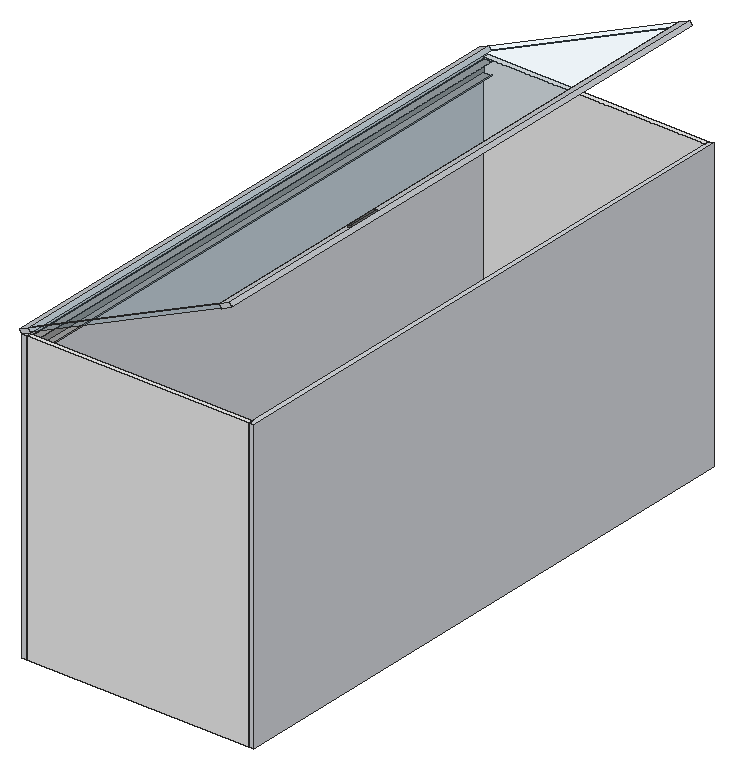
Revit family "Domotics-CablaggioStrutturato-GEWISS-QUADRI_PAVIMENTO_19_42U_P1000", category Apparecchi elettrici, host Superficie, Revit 2019
Family settings
  Host = Superficie
  Mantenere orientamento annotazione = Sì
  Quota connettore circolare = Usa diametro
  Tipo di parte = Normale
  Numero OmniClass = 23.80.30.00
  Titolo OmniClass = Distribution Devices
  Taglio con vuoti quando caricato = No
  Condiviso = No
  Punto di calcolo locali = Sì
Parameters (values of type "GW38464 - ARMADIO DA PAVIMENTO 19 42U 800x1000M")
  simbolo in pianta [instance] = yes
  n_poli = 1
  barra din = yes
  Visibilità sportello [instance] = yes
  Versione file RFA = "21.2"
  UnitÃ  di cablaggio = "42 U"
  URL = "https://www.gewiss.com/it/it"
  Tipologia porta = "Reversibile"
  Scheda Tecnica = "https://www.gewiss.com/it/it/search?q=GW38464"
  SEO = "Armadio LAN"
  Prospetto di default = 900 mm
  ProfonditÃ  (mm) = "1000 mm"
  Produttore = "GEWISS S.p.A."
  Portata statica = "1000KG"
  Nome quadro [instance] = "n.quadro"
  N. montanti = "4"
  Modello = "GW38464"
  Materiale = "Acciaio"
  Immagine tipo = C.jpg
  IDT = "017e6788ea39401680f70cb0f23b113b"
  IDF = "ebfe671a-77a0-4fc8-a44e-846e2ae83582"
  Grado di protezione = "IP20"
  Finitura = "Bucciata"
  Distanza_x [instance] = 300 mm
  Distanza simbolo [instance] = 0 mm
  Distanza effettiva x [instance] = 1000 mm - Distanza_x  # 700 mm
  Dim. esterne BxHxP (mm) = "800x1985x1000"
  Descrizione = "ARMADIO DA PAVIMENTO 19 42U 800x1000M"
  Creato da GEWISS S.p.A. = ""
  Colore = "Grigio (RAL 7035)"
  Codice Electrocod = "3752"
  Categoria = "Armadio da pavimento 19\""
  Catalogo = "DOMOTICS"
  COBie.Tagnumber = ""
  COBie.CreatedOn = ""
  COBie.CreatebBy = ""
  COBie.ComponentRegisterItemID = ""
  COBie.Component.TagNumber = ""
  COBie.Component.Space = ""
  COBie.Component.SerialNumber = ""
  COBie.Component.InstallationDate = ""
  COBie.Component.Description = ""
  COBie.Component.BarCode = ""
  Apertura porta = "135°"
  Apertura [instance] = 25.00°
Reference planes
  plane 1 "Centro (Fronte/Retro)": y = 0
  plane 2: z = 0
  plane 3 "Centro (Sinistra/Destra)": x = 0
  plane 4: x = -1380.34
  plane 5: x = -680.34
Forms (mm)
  Extrusion 1, solid, detail levels coarse
    sketch origin (0, 0, 0) x (1, 0, 0) y (0, 1, 0)
      loop
        line (783.5, 0) -> (783.5, 1985) -> (-16.5, 1985) -> (-16.5, 0) -> (783.5, 0)
    from 0 to 600
Dimensions and locks
  plane 4 to plane 3 "Centro (Sinistra/Destra)" = 1380.34 mm
  "Distanza effettiva x": plane 4 to plane 5
  aligned and locked: host face to plane 2
  aligned and locked: host face to level
  aligned and locked: plane 1 "Centro (Fronte/Retro)" to nested 1
  aligned and locked: nested 2 to plane 5
  aligned and locked: Extrusion 1 sketch curve to nested 1  (x4)
  aligned and locked: plane 3 "Centro (Sinistra/Destra)" to nested 1
  aligned and locked: nested 1 to host face
Automatic sketch dimensions
  host sketch curve to host sketch curve = 3398.537 mm
  host sketch curve to host sketch curve = 3619.2 mm
Nested families
  nested 1: "DATACENTER ARMADIO PARETE 42U P1000mm.rfa_BASE" at (-16.5, 0, 0), Apertura <- "Apertura", Sportello <- "Visibilità sportello", visible <- "Visibilità sportello", Barra din <- "barra din", Sportello visibile <- "Visibilità sportello", type "DATACENTER ARMADIO PARETE 42U P1000mm.rfa_BASE", detail levels medium+fine
    with Sportello visibile yes, Sportello yes, Barra din yes, Apertura 25.00°
  nested 2: "DATACENTERsimbolo" at (-680.34, 911.19, 0), Distanza dal muro <- "Distanza simbolo", SIMBOLO ACCESO <- "simbolo in pianta", visible <- "simbolo in pianta", type "3P"
    with SIMBOLO ACCESO yes, Distanza dal muro 0 mm
Connectors
  electrical at (383.5, 992.5, 0), driven by "n_poli"
    settings: on nested 1, index 1, voltage 0 V, apparent load 0 VA, apparent load phase1 0 VA, apparent load phase2 0 VA, apparent load phase3 0 VA, power factor 1, load classification "Altro", number of poles 1, system type 31, power factor state 1, is connector primary yes, connector utility no, sub classification motor no, connector description ""
Definition of nested family "DATACENTER ARMADIO PARETE 42U P1000mm.rfa_BASE"
  Parameters (values of type "DATACENTER ARMADIO PARETE 42U P1000mm.rfa_BASE")
    Struttura = none
    Sportello_vetro = none
    Sportello visibile [instance] = yes
    Sportello lato = none
    Sportello [instance] = yes
    Profondità quadro = 1000 mm  # constant formula
    L_quadro = 800 mm  # constant formula
    Barra din [instance] = yes
    Altezza quadro = 1985 mm  # constant formula
    Apertura [instance] = 32.00°
  Reference planes
    plane 1 "Centro (Fronte/Retro)": y = 0
    plane 2: z = 0
    plane 3 "Centro (Sinistra/Destra)": x = 0
    plane 4: x = 800
    plane 5: y = 1985
    plane 6: x = 16.5
    plane 7: y = 1968.5
    plane 8: y = 16.5
    plane 9: x = 783.5
    plane 10: z = 1000
    plane 11: z = 16.5
    plane 12: x = 46.5
    plane 13: x = 18.5
    plane 14: z = 996
    plane 15: z = 951
    plane 16: z = 994
    plane 17: x = 20.5
    plane 18: z = 953
    plane 19: x = 44.5
    plane 20: z = 18.5
    plane 21: z = 63.5
    plane 22: z = 61.5
    plane 23: z = 20.5
  Forms (mm)
    Extrusion 1, solid, material <- "Struttura"
      sketch origin (0, 0, 0) x (1, 0, 0) y (0, 1, 0)
        loop
          line (16.5, 1968.5) -> (783.5, 1968.5) -> (783.5, 1985) -> (16.5, 1985) -> (16.5, 1968.5)
      from 0 to 1000
    Extrusion 2, solid
      sketch origin (0, 0, 0) x (1, 0, 0) y (0, 1, 0)
        loop
          line (16.5, 1968.5) -> (16.5, 16.5) -> (783.5, 16.5) -> (783.5, 1968.5) -> (16.5, 1968.5)
      from 0 to 16.5
    Extrusion 3, solid
      sketch origin (458.466, 0, 1286.482) x (-0.848048, 0, -0.529919) y (0, -1, 0)
        loop
          line (-259.386, 0) -> (-259.386, -1985) -> (-220.759, -1985) -> (-220.759, 0) -> (-259.386, 0)
        loop
          line (540.614, -1985) -> (540.614, 0) -> (506.604, 0) -> (506.604, -1985) -> (540.614, -1985)
      from 0 to 15
    Extrusion 4, solid, material <- "Sportello_vetro", visible <- "Sportello visibile"
      sketch origin (458.466, 0, 1286.482) x (-0.848048, 0, -0.529919) y (0, -1, 0)
        loop
          line (506.604, 0) -> (-220.759, 0) -> (-220.759, -1985) -> (506.604, -1985) -> (506.604, 0)
      from 0 to 15
    Extrusion 5, solid
      sketch origin (0, 0, 0) x (1, 0, 0) y (0, 1, 0)
        loop
          line (0, 1985) -> (0, 0) -> (16.5, 0) -> (16.5, 1985) -> (0, 1985)
        loop
          line (800, 0) -> (800, 1985) -> (783.5, 1985) -> (783.5, 0) -> (800, 0)
      from 0 to 1000
    Extrusion 6, solid, material <- "Struttura"
      sketch origin (0, 400, 0) x (1, 0, 0) y (0, 1, 0)
        loop
          line (16.5, -383.5) -> (16.5, -400) -> (783.5, -400) -> (783.5, -383.5) -> (16.5, -383.5)
      from 0 to 1000
    Extrusion 7, solid
      sketch origin (458.466, 0, 1286.482) x (-0.848048, 0, -0.529919) y (0, -1, 0)
        loop
          line (-234.386, -647.5) -> (-234.386, -537.5) -> (-249.386, -537.5) -> (-249.386, -647.5) -> (-234.386, -647.5)
      from 2.698 to 17.686
    Extrusion 8, solid, visible <- "Barra din"
      sketch origin (0, 0, 0) x (1, 0, 0) y (0, 0, 1)
        loop
          line (46.5, 996) -> (18.5, 996) -> (18.5, 951) -> (46.5, 951) -> (46.5, 953) -> (20.5, 953) -> (20.5, 994) -> (46.5, 994) -> (46.5, 996)
      from -1968.5 to -16.5
    Extrusion 9, solid, visible <- "Barra din"
      sketch origin (0, 0, 600) x (1, 0, 0) y (0, 0, 1)
        loop
          line (46.5, -581.5) -> (46.5, -579.5) -> (20.5, -579.5) -> (20.5, -538.5) -> (46.5, -538.5) -> (46.5, -536.5) -> (18.5, -536.5) -> (18.5, -581.5) -> (46.5, -581.5)
      from -1968.5 to -16.5
  Lines and regions (mm)
    reference lines
      curve 1: line (458.466, 0, 1286.482) -> (0, 0, 1000)
  Dimensions and locks
    "L_quadro": plane 3 "Centro (Sinistra/Destra)" to plane 4
    "Altezza quadro": plane 1 "Centro (Fronte/Retro)" to plane 5
    locked: plane 5 to plane 7 at 16.5
    locked: plane 9 to plane 4 at 16.5
    locked: plane 3 "Centro (Sinistra/Destra)" to plane 6 at 16.5
    locked: plane 1 "Centro (Fronte/Retro)" to plane 8 at 16.5
    "Profondità quadro": plane 10 to plane 2
    locked: plane 11 to level at 16.5
    locked: plane 6 to plane 12 at 30
    locked: Extrusion 3 sketch curve to Extrusion 3 sketch curve at 38.628
    locked: Extrusion 3 sketch curve to Extrusion 3 sketch curve at 34.009
    "L_quadro": Extrusion 3 sketch curve to Extrusion 3 sketch curve
    "Altezza quadro": Extrusion 3 sketch curve to Extrusion 3 sketch curve  (x2)
    "Altezza quadro": Extrusion 4 sketch curve to Extrusion 4 sketch curve
    Extrusion 7 sketch curve to Extrusion 7 sketch curve = 15 mm
    Extrusion 3 to Extrusion 3 = 1985 mm
    locked: plane 13 to plane 6 at 2
    locked: plane 10 to plane 14 at 4
    locked: plane 14 to plane 16 at 2
    locked: plane 18 to plane 15 at 2
    locked: plane 14 to plane 15 at 45
    locked: plane 23 to plane 20 at 2
    "Apertura": angle plane 10 to curve 1
    aligned and locked: level to plane 2
    aligned and locked: Extrusion 1 sketch curve to plane 7
    aligned and locked: Extrusion 1 sketch curve to plane 5
    aligned and locked: Extrusion 1 sketch curve to plane 6
    aligned and locked: plane 9 to Extrusion 1 sketch curve
    aligned and locked: plane 10 to Extrusion 1
    aligned and locked: Extrusion 2 sketch curve to plane 6
    aligned and locked: Extrusion 2 sketch curve to plane 7
    aligned and locked: Extrusion 2 sketch curve to plane 9
    aligned and locked: Extrusion 2 sketch curve to plane 8
    aligned and locked: plane 11 to Extrusion 2
    aligned and locked: curve 1 to Extrusion 1
    aligned and locked: plane 10 to curve 1
    aligned and locked: Extrusion 3 sketch curve to plane 5
    aligned and locked: Extrusion 3 sketch curve to plane 1 "Centro (Fronte/Retro)"
    aligned and locked: Extrusion 4 sketch curve to curve 1
    aligned and locked: Extrusion 4 sketch curve to Extrusion 3  (x2)
    aligned and locked: Extrusion 5 sketch curve to plane 3 "Centro (Sinistra/Destra)"
    aligned and locked: Extrusion 5 sketch curve to plane 6
    aligned and locked: Extrusion 5 sketch curve to plane 4
    aligned and locked: Extrusion 5 sketch curve to plane 9
    aligned and locked: Extrusion 5 sketch curve to plane 5
    aligned and locked: Extrusion 5 sketch curve to plane 1 "Centro (Fronte/Retro)"
    aligned and locked: plane 10 to Extrusion 5
    aligned and locked: plane 8 to Extrusion 6 sketch curve
    aligned and locked: plane 1 "Centro (Fronte/Retro)" to Extrusion 6 sketch curve
    aligned and locked: plane 9 to Extrusion 6 sketch curve
    aligned and locked: plane 6 to Extrusion 6 sketch curve
    aligned and locked: Extrusion 8 sketch curve to plane 14
    aligned and locked: Extrusion 8 sketch curve to plane 13
    aligned and locked: Extrusion 8 sketch curve to plane 15
    aligned and locked: Extrusion 8 sketch curve to plane 18
    aligned and locked: Extrusion 8 sketch curve to plane 17
    aligned and locked: Extrusion 8 sketch curve to plane 12
    aligned and locked: Extrusion 8 sketch curve to plane 16
    aligned and locked: Extrusion 8 to Extrusion 1
    aligned and locked: Extrusion 8 to Extrusion 6
    aligned and locked: plane 21 to Extrusion 9 sketch curve
    aligned and locked: plane 22 to Extrusion 9 sketch curve
    aligned and locked: plane 23 to Extrusion 9 sketch curve
    aligned and locked: plane 20 to Extrusion 9 sketch curve
    aligned and locked: plane 17 to Extrusion 9 sketch curve
    aligned and locked: plane 13 to Extrusion 9 sketch curve
    aligned and locked: Extrusion 2 to Extrusion 9
    aligned and locked: Extrusion 9 to Extrusion 1
    aligned and locked: Extrusion 6 to Extrusion 1
  Automatic sketch dimensions
    plane 1 "Centro (Fronte/Retro)" to Extrusion 5 sketch curve = 0 mm
    Extrusion 5 sketch curve to plane 5 = 0 mm
    Extrusion 8 sketch curve to plane 12 = 0 mm
    Extrusion 9 sketch curve to plane 12 = 0 mm  (x2)
    Extrusion 7 sketch curve to curve 1 = 249.386 mm
    Extrusion 7 sketch curve to Extrusion 7 sketch curve = 15 mm
    Extrusion 7 sketch curve to curve 1 = 647.5 mm
    Extrusion 7 sketch curve to Extrusion 7 sketch curve = 110 mm
    curve 1 to plane 3 "Centro (Sinistra/Destra)" = 0 mm
    Extrusion 3 sketch curve to curve 1 = 0 mm
Definition of nested family "DATACENTERsimbolo"
  Parameters (values of type "3P")
    SIMBOLO ACCESO [instance] = yes
    Distanza dal muro [instance] = 0 mm
  Reference planes
    plane 1: y = 0
    plane 2: x = 0
  Dimensions and locks
    "Distanza dal muro": plane 1 to nested 1
    aligned and locked: plane 2 to nested 1
  Nested families
    nested 1: "DATACENTERsimbolo.base" at (0, 0, 0), type "3P"
      with CORNICE SIMBOLO yes
  Definition of nested family "DATACENTERsimbolo.base"
    Parameters (values of type "3P")
      Testo = ""
      CORNICE SIMBOLO [instance] = yes
      3P = yes
    Reference planes
      plane 1: y = 0
      plane 2: x = 0
    Lines and regions (mm)
      detail lines
        curve 1: line (6.852, 3.426, 0) -> (8.859, 3.426, 0)
        curve 2: line (8.859, 3.426, 0) -> (8.859, 0, 0)
        curve 3: line (8.859, 0, 0) -> (6.852, 0, 0)
        curve 4: line (6.852, 0, 0) -> (0, 3.426, 0)
        curve 5: line (0, 3.426, 0) -> (3.027, 3.426, 0)
        curve 6: line (3.027, 3.426, 0) -> (6.852, 3.426, 0)
        curve 7: line (6.852, 3.426, 0) -> (6.852, 0, 0)
        curve 8: line (6.852, 0, 0) -> (0, 0, 0)
        curve 9: line (0, 0, 0) -> (0, 3.426, 0)
        curve 10: line (7.856, 1.713, 0) -> (7.856, 2.67, 0)
        curve 11: line (8.526, 0.756, 0) -> (8.526, 1.713, 0)
        curve 12: line (8.526, 1.713, 0) -> (7.185, 1.713, 0)
        curve 13: line (7.185, 1.713, 0) -> (7.185, 0.756, 0)
    Text (mm)
      label "RJ" at (7.87, 1.29, 0), shows "Testo"
    Nested families
      nested 1: "testo_simb" at (7.89, 1.134, 0), type "3P"
        with SIMBOLO ACCESO yes, Distanza dal muro 0 mm
      nested 2: "testo_simb" at (7.855, 0, 0), type "3P"
        with SIMBOLO ACCESO yes, Distanza dal muro 0 mm
      nested 3: "testo_simb" at (7.855, 0, 0), type "3P"
        with SIMBOLO ACCESO yes, Distanza dal muro 0 mm
      nested 4: "testo_simb" at (7.855, 0, 0), type "3P"
        with SIMBOLO ACCESO yes, Distanza dal muro 0 mm
      nested 5: "testo_simb" at (7.855, 0, 0), type "3P"
        with SIMBOLO ACCESO yes, Distanza dal muro 0 mm
    Definition of nested family "testo_simb"
      Parameters (values of type "3P")
        testo simb = ""
        SIMBOLO ACCESO [instance] = yes
        Distanza dal muro [instance] = 0 mm
      Reference planes
        plane 1: y = 0
        plane 2: x = 0
      Text (mm)
        label "RJ" at (0.02, 0.123, 0), shows "testo simb"
